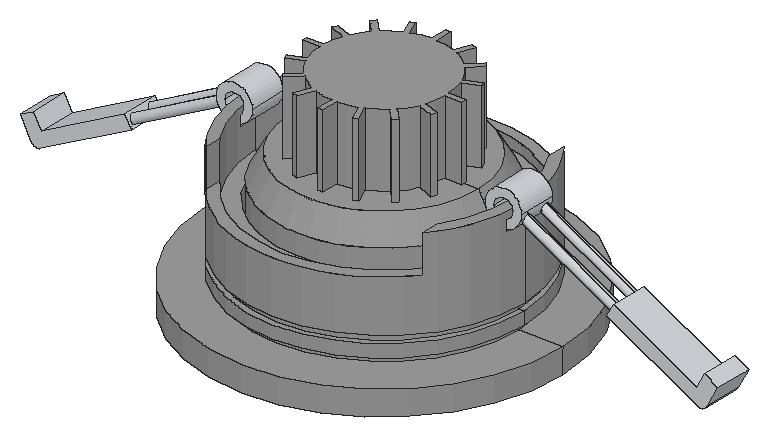
Revit family "Alcon-14144-R-ADJ-Revit-Family", category Lighting Fixtures, host Ceiling, Revit 2021
Family settings
  Host = Ceiling
  Round Connector Dimension = Use Diameter
  Part Type = Normal
  Always vertical = Yes
  Cut with Voids When Loaded = No
  Light Source = Yes
  Shared = No
  Room Calculation Point = No
Parameters
  Wattage = 9.2903 W
  built-in parameter 1150110 = 1 (stored number, unit not read)
  built-in parameter 1114217 = 1 (stored number, unit not read)
  Tilt Angle = 60.00°
  built-in parameter 1150109 = 1 (stored number, unit not read)
  built-in parameter 1150134 = 3
  built-in parameter 1150113 = 1 (stored number, unit not read)
  built-in parameter 1010507 = 1.5708 (stored number, unit not read)
  built-in parameter 1010506 = 0.5236 (stored number, unit not read)
  Product Identity = "Alcon Light 14144-R-ADJ"
  Metal = none
  Manufacturer = "Alcon Light"
  built-in parameter 1150105 = 4614.1 (stored number, unit not read)
  Lumens = 1380 lm
  built-in parameter 1150115 = 1 (stored number, unit not read)
  Link To Product Page = "https://www.alconlighting.com/14144-r-adj.html"
  Light Source Symbol Length = 10' - 0"
  Light Source = Light Source
  built-in parameter 1150137 = (empty or 0)
  built-in parameter 1150139 = (empty or 0)
  Lens = Glass
  built-in parameter 1150112 = 1 (stored number, unit not read)
  built-in parameter 1150114 = 1 (stored number, unit not read)
  built-in parameter 1150132 = (empty or 0)
  built-in parameter 1150102 = (empty or 0)
  built-in parameter 1150107 = 3200 (stored number, unit not read)
  built-in parameter 1150138 = (empty or 0)
  built-in parameter 1150106 = 46.141 (stored number, unit not read)
  Housing = Default
  built-in parameter 1150104 = 13.8 (stored number, unit not read)
  Dimming Lamp Color Temperature Shift = (empty or 0)
  Default Elevation = 0' - 0"
  Color Filter = 16777215
  built-in parameter 1114218 = 1 (stored number, unit not read)
  built-in parameter 1150133 = 10 (stored number, unit not read)
Reference planes (in)
  plane 1 "Center (Front/Back)": y = 0
  plane 2 "Ceiling": z = 96
  plane 3 "Center (Left/Right)": x = 0
Forms (in)
  Extrusion 1, void
    sketch origin (0, 0, 96) x (1, 0, 0) y (0, 1, 0)
      loop
        circle (0, 0) r 1.59375
    from -0.09612 to 0.67578
  Revolve 2, solid, material "Default" <- "Housing"
    sketch origin (0, 0, -0.12653) x (1, 0, 0) y (0, 0, 1)
      loop
        line (1, 96) -> (1.59375, 96) -> (1.59375, 96.22224) -> (1.2, 96.22224) -> (1.2, 96.27758) -> (1.24912, 96.27758) -> (1.24912, 96.39163) -> (1.2, 96.39163) -> (1.2, 96.457) -> (1.24912, 96.457) -> (1.24912, 97.25824) -> (1.1515, 97.25824) -> (1.1515, 96.83544) -> (1, 96.83544) -> (1, 96)
      axis (0, 96) -> (0, 97.25824)
    angle from 0 to 360
  Extrusion 3, solid, material <- "Metal"
    sketch origin (0.09964, 0, -62.11938) x (-1, 0, 0) y (0, 0, -1)
      loop
        circle (-1.10049, -159.26129) r 0.16048
      loop
        circle (-1.10049, -159.26129) r 0.08524
    from -0.16797 to 0.16797
  Extrusion 4, solid, material <- "Metal"
    sketch origin (112.68235, 0, -16.61915) x (-0.709189, 0, -0.705019) y (0.705019, 0, -0.709189)
      loop
        line (-1.52969, -158.27878) -> (-1.41427, -158.24349) -> (-1.68172, -157.36866)
        arc (-1.68172, -157.36866) -> (-1.71422, -157.32923) -> (-1.76507, -157.32433) r 0.06675
        line (-1.76507, -157.32433) -> (-1.95893, -157.3836) -> (-1.91808, -157.51723) -> (-1.77581, -157.47373) -> (-1.52969, -158.27878)
    from -0.16797 to 0.16797
  Extrusion 5, solid, material <- "Metal"
    sketch origin (2.08993, 0, 96.62091) x (0.472081, 0, 0.881555) y (0, 1, 0)
      loop
        circle (0.05869, 0.09783) r 0.04098
      loop
        circle (0.05869, -0.10564) r 0.04098
    from -0.03586 to 0.91861
  Extrusion 6, solid, material <- "Metal"
    sketch origin (-0.09964, 0, -62.11938) x (1, 0, 0) y (0, 0, 1)
      loop
        circle (-1.10049, 159.26129) r 0.16048
      loop
        circle (-1.10049, 159.26129) r 0.08524
    from -0.16797 to 0.16797
  Extrusion 7, solid, material <- "Metal"
    sketch origin (-112.68235, 0, -16.61915) x (0.709189, 0, -0.705019) y (0.705019, 0, 0.709189)
      loop
        line (-1.52969, 158.27878) -> (-1.77581, 157.47373) -> (-1.91808, 157.51723) -> (-1.95893, 157.3836) -> (-1.76507, 157.32433)
        arc (-1.76507, 157.32433) -> (-1.71422, 157.32923) -> (-1.68172, 157.36866) r 0.06675
        line (-1.68172, 157.36866) -> (-1.41427, 158.24349) -> (-1.52969, 158.27878)
    from -0.16797 to 0.16797
  Extrusion 8, solid, material <- "Metal"
    sketch origin (-2.08993, 0, 96.62091) x (-0.472081, 0, 0.881555) y (0, -1, 0)
      loop
        circle (0.05869, -0.09783) r 0.04098
      loop
        circle (0.05869, 0.10564) r 0.04098
    from -0.03586 to 0.91861
  Extrusion 9, void
    sketch origin (0, 0, 0) x (0, 1, 0) y (0, 0, 1)
      loop
        line (0.18604, 96.97362) -> (0.18604, 97.06477) -> (-0.18604, 97.06477) -> (-0.18604, 96.97362) -> (0.18604, 96.97362)
    from -1.34358 to 1.40984
  Extrusion 10, void
    sketch origin (0, 0, 0) x (1, 0, 0) y (0, 0, 1)
      loop
        line (-0.97117, 97.13171) -> (-0.97117, 96.79768) -> (0.97117, 96.79768) -> (0.97117, 97.13171) -> (-0.97117, 97.13171)
    from -1.32843 to 1.32858
  Revolve 11, solid, material "Default" <- "Housing"
    sketch origin (0, 0, 0) x (1, 0, 0) y (0, 0, 1)
      loop
        line (0, 97.09483) -> (0, 96.70891) -> (0.9037, 96.70891) -> (0.9037, 95.83451) -> (0.97117, 95.87347) -> (0.97117, 96.87301) -> (0.84311, 97.09483) -> (0, 97.09483)
      axis (0, 95.83451) -> (0, 97.09483)
    angle from 0 to 360
  Revolve 12, solid, material "Glass" <- "Lens"
    sketch origin (0, 0, 0) x (1, 0, 0) y (0, 0, 1)
      loop
        line (0.9037, 95.83451) -> (0.9037, 95.89164) -> (0.26163, 96.15105) -> (0, 96.15105) -> (0, 96.09571) -> (0.25722, 96.09571) -> (0.9037, 95.83451)
      axis (0, 95.83451) -> (0, 96.15105)
    angle from 0 to 360
  Revolve 13, solid, material "Light Source" <- "Light Source"
    sketch origin (0, 0, 0) x (1, 0, 0) y (0, 0, 1)
      loop
        line (0, 96.15105) -> (0.9037, 96.15105) -> (0.9037, 96.2651) -> (0, 96.2651) -> (0, 96.15105)
      axis (0, 96.15105) -> (0, 96.2651)
    angle from 0 to 360
  Extrusion 14, solid, material "Default" <- "Housing"
    sketch origin (0, 0, 36.23322) x (1, 0, 0) y (0, 1, 0)
      loop
        arc (-0.24993, 0.6664) -> (-0.27237, 0.65755) -> (-0.29449, 0.64794) r 0.71172
        line (-0.29449, 0.64794) -> (-0.23639, 0.50767)
        arc (-0.23639, 0.50767) -> (-0.31112, 0.46563) -> (-0.37857, 0.41267) r 0.56001
        line (-0.37857, 0.41267) -> (-0.48592, 0.52003)
        arc (-0.48592, 0.52003) -> (-0.50327, 0.50327) -> (-0.52003, 0.48592) r 0.71172
        line (-0.52003, 0.48592) -> (-0.41267, 0.37857)
        arc (-0.41267, 0.37857) -> (-0.46563, 0.31112) -> (-0.50767, 0.23639) r 0.56001
        line (-0.50767, 0.23639) -> (-0.64794, 0.29449)
        arc (-0.64794, 0.29449) -> (-0.65755, 0.27237) -> (-0.6664, 0.24993) r 0.71172
        line (-0.6664, 0.24993) -> (-0.52613, 0.19183)
        arc (-0.52613, 0.19183) -> (-0.54925, 0.10925) -> (-0.55949, 0.02412) r 0.56001
        line (-0.55949, 0.02412) -> (-0.71132, 0.02412)
        arc (-0.71132, 0.02412) -> (-0.71172, 0) -> (-0.71132, -0.02412) r 0.71172
        line (-0.71132, -0.02412) -> (-0.55949, -0.02412)
        arc (-0.55949, -0.02412) -> (-0.54925, -0.10925) -> (-0.52613, -0.19183) r 0.56001
        line (-0.52613, -0.19183) -> (-0.6664, -0.24993)
        arc (-0.6664, -0.24993) -> (-0.65755, -0.27237) -> (-0.64794, -0.29449) r 0.71172
        line (-0.64794, -0.29449) -> (-0.50767, -0.23639)
        arc (-0.50767, -0.23639) -> (-0.46563, -0.31112) -> (-0.41267, -0.37857) r 0.56001
        line (-0.41267, -0.37857) -> (-0.52003, -0.48592)
        arc (-0.52003, -0.48592) -> (-0.50327, -0.50327) -> (-0.48592, -0.52003) r 0.71172
        line (-0.48592, -0.52003) -> (-0.37857, -0.41267)
        arc (-0.37857, -0.41267) -> (-0.31112, -0.46563) -> (-0.23639, -0.50767) r 0.56001
        line (-0.23639, -0.50767) -> (-0.29449, -0.64794)
        arc (-0.29449, -0.64794) -> (-0.27237, -0.65755) -> (-0.24993, -0.6664) r 0.71172
        line (-0.24993, -0.6664) -> (-0.19183, -0.52613)
        arc (-0.19183, -0.52613) -> (-0.10925, -0.54925) -> (-0.02412, -0.55949) r 0.56001
        line (-0.02412, -0.55949) -> (-0.02412, -0.71132)
        arc (-0.02412, -0.71132) -> (0, -0.71172) -> (0.02412, -0.71132) r 0.71172
        line (0.02412, -0.71132) -> (0.02412, -0.55949)
        arc (0.02412, -0.55949) -> (0.10925, -0.54925) -> (0.19183, -0.52613) r 0.56001
        line (0.19183, -0.52613) -> (0.24993, -0.6664)
        arc (0.24993, -0.6664) -> (0.27237, -0.65755) -> (0.29449, -0.64794) r 0.71172
        line (0.29449, -0.64794) -> (0.23639, -0.50767)
        arc (0.23639, -0.50767) -> (0.31112, -0.46563) -> (0.37857, -0.41267) r 0.56001
        line (0.37857, -0.41267) -> (0.48592, -0.52003)
        arc (0.48592, -0.52003) -> (0.50327, -0.50327) -> (0.52003, -0.48592) r 0.71172
        line (0.52003, -0.48592) -> (0.41267, -0.37857)
        arc (0.41267, -0.37857) -> (0.46563, -0.31112) -> (0.50767, -0.23639) r 0.56001
        line (0.50767, -0.23639) -> (0.64794, -0.29449)
        arc (0.64794, -0.29449) -> (0.65755, -0.27237) -> (0.6664, -0.24993) r 0.71172
        line (0.6664, -0.24993) -> (0.52613, -0.19183)
        arc (0.52613, -0.19183) -> (0.54925, -0.10925) -> (0.55949, -0.02412) r 0.56001
        line (0.55949, -0.02412) -> (0.71132, -0.02412)
        arc (0.71132, -0.02412) -> (0.71172, 0) -> (0.71132, 0.02412) r 0.71172
        line (0.71132, 0.02412) -> (0.55949, 0.02412)
        arc (0.55949, 0.02412) -> (0.54925, 0.10925) -> (0.52613, 0.19183) r 0.56001
        line (0.52613, 0.19183) -> (0.6664, 0.24993)
        arc (0.6664, 0.24993) -> (0.65755, 0.27237) -> (0.64794, 0.29449) r 0.71172
        line (0.64794, 0.29449) -> (0.50767, 0.23639)
        arc (0.50767, 0.23639) -> (0.46563, 0.31112) -> (0.41267, 0.37857) r 0.56001
        line (0.41267, 0.37857) -> (0.52003, 0.48592)
        arc (0.52003, 0.48592) -> (0.50327, 0.50327) -> (0.48592, 0.52003) r 0.71172
        line (0.48592, 0.52003) -> (0.37857, 0.41267)
        arc (0.37857, 0.41267) -> (0.31112, 0.46563) -> (0.23639, 0.50767) r 0.56001
        line (0.23639, 0.50767) -> (0.29449, 0.64794)
        arc (0.29449, 0.64794) -> (0.27237, 0.65755) -> (0.24993, 0.6664) r 0.71172
        line (0.24993, 0.6664) -> (0.19183, 0.52613)
        arc (0.19183, 0.52613) -> (0.10925, 0.54925) -> (0.02412, 0.55949) r 0.56001
        line (0.02412, 0.55949) -> (0.02412, 0.71132)
        arc (0.02412, 0.71132) -> (0, 0.71172) -> (-0.02412, 0.71132) r 0.71172
        line (-0.02412, 0.71132) -> (-0.02412, 0.55949)
        arc (-0.02412, 0.55949) -> (-0.10925, 0.54925) -> (-0.19183, 0.52613) r 0.56001
        line (-0.19183, 0.52613) -> (-0.24993, 0.6664)
    from 60.86161 to 61.51678
Cuts and joins
  Extrusion 9, Extrusion 10 cuts Revolve 2
Dimensions and locks (in)
  equal spacing: host sketch curve, plane 3 "Center (Left/Right)", host sketch curve
  equal spacing: host sketch curve, plane 1 "Center (Front/Back)", host sketch curve
  host sketch curve to host sketch curve = 10' - 0"  (x2)
